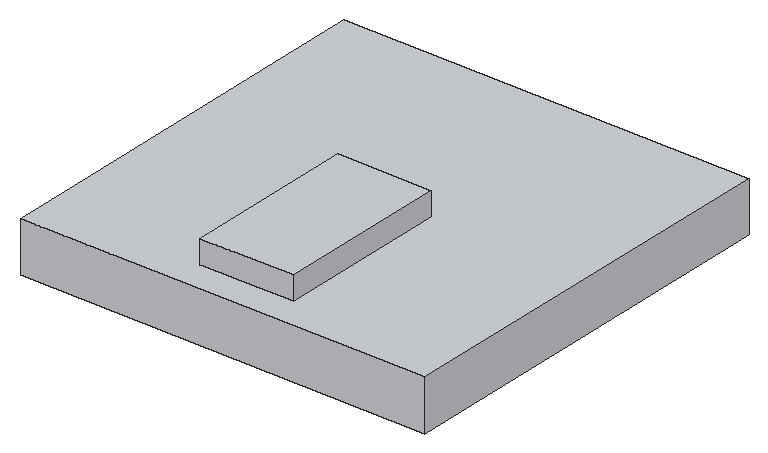
Revit family "M_Sistema de telefone dos bombeiros", category Equipamento elétrico, Revit 2019
Family settings
  Hospedeiro = Face
  Cota do conector redondo = Utilizar diâmetro
  Tipo de parte = Outros painéis
  Número OmniClass = 23.85.30.21.11.14
  Título OmniClass = Alarm Panels
  ID de item do Seek = Firefighter's Telephone System-0000-CAN-ENU
  Corte com vazios quando carregada = Não
  Compartilhado = Não
  Ponto de cálculo do ambiente = Não
Parameters (values of type "Padrão")
  Largura = 1035 mm
  Material do painel = none
  Comprimento = 565 mm
  Altura = 140 mm
  Elevação-padrão = 1200 mm
Reference planes
  plane 1 "Centro (Frente/Trás)": y = 0
  plane 2: z = 0
  plane 3 "Centro (Esquerda/Direita)": x = 0
  plane 4: x = -282.5
  plane 5: x = 282.5
  plane 6: y = -1035
  plane 7: z = 140
Forms (mm)
  Extrusion 1, solid
    sketch origin (0, 0, 0) x (1, 0, 0) y (0, 1, 0)
      loop
        line (-1219.2, 1219.2) -> (-1219.2, -1219.2) -> (1219.2, -1219.2) -> (1219.2, 1219.2) -> (-1219.2, 1219.2)
    from 0 to -304.8
  Extrusion 2, solid, material <- "Material do painel"
    sketch origin (0, 0, 0) x (1, 0, 0) y (0, 1, 0)
      loop
        line (-282.5, 0) -> (-282.5, -1035) -> (282.5, -1035) -> (282.5, 0) -> (-282.5, 0)
    from 0 to 140
Dimensions and locks
  "Largura": plane 1 "Centro (Frente/Trás)" to plane 6
  equal spacing: plane 4, plane 3 "Centro (Esquerda/Direita)", plane 5
  "Comprimento": plane 4 to plane 5
  "Altura": plane 7 to plane 2
  aligned and locked: plane 2 to Extrusion 1
  aligned and locked: level to Extrusion 1
  aligned and locked: plane 4 to Extrusion 2 sketch curve
  aligned and locked: plane 1 "Centro (Frente/Trás)" to Extrusion 2 sketch curve
  aligned and locked: plane 6 to Extrusion 2 sketch curve
  aligned and locked: Extrusion 2 sketch curve to plane 5
  aligned and locked: Extrusion 2 to plane 2
  aligned and locked: plane 7 to Extrusion 2
  aligned and locked: plane 5 to Extrusion 2
  aligned and locked: plane 2 to nested 1
  aligned and locked: plane 7 to nested 1
  aligned and locked: plane 4 to nested 1
  aligned and locked: plane 5 to nested 1
Automatic sketch dimensions
  Extrusion 1 sketch curve to Extrusion 1 sketch curve = 2438.4 mm  (x2)
Nested families
  nested 1: "M_Anotação do sistema de telefone dos bombeiros" at (546.1, 0, -120.5) x (1, 0, 0) z (0, -1, 0), type "Anotação do sistema de telefone dos bombeiros", detail levels coarse+medium
    with Largura 140 mm, Comprimento 565 mm
Connectors
  electrical at (0, 0, 70)
    settings: on Extrusion 2, index 1, voltage 0 V, apparent load 0 VA, apparent load phase1 0 VA, apparent load phase2 0 VA, apparent load phase3 0 VA, power factor 1, load classification "Outros", number of poles 1, system type 11, power factor state 1, is connector primary yes, connector utility no, sub classification motor no, connector description ""
  cabletrayconduit at (0, 0, 70), diameter 600
    settings: on Extrusion 2, index 2, connector width 300 mm, connector height 300 mm, connector angle 0.00°, system type 32, placement type 1, profile type 0, connector reference index -1, is primary connector yes, connector utility param no, connector description ""
  cabletrayconduit at (-282.5, -517.5, 70), diameter 600
    settings: on Extrusion 2, index 3, connector width 300 mm, connector height 300 mm, connector angle 0.00°, system type 32, placement type 1, profile type 0, connector reference index -1, is primary connector no, connector utility param no, connector description ""
  cabletrayconduit at (282.5, -517.5, 70), diameter 600
    settings: on Extrusion 2, index 4, connector width 300 mm, connector height 300 mm, connector angle 0.00°, system type 32, placement type 1, profile type 0, connector reference index -1, is primary connector no, connector utility param no, connector description ""
  cabletrayconduit at (0, -517.5, 0), diameter 600
    settings: on Extrusion 2, index 5, connector width 300 mm, connector height 300 mm, connector angle 0.00°, system type 32, placement type 1, profile type 0, connector reference index -1, is primary connector no, connector utility param no, connector description ""
  cabletrayconduit at (0, -1035, 70), diameter 600
    settings: on Extrusion 2, index 6, connector width 300 mm, connector height 300 mm, connector angle 0.00°, system type 32, placement type 1, profile type 0, connector reference index -1, is primary connector no, connector utility param no, connector description ""
Definition of nested family "M_Anotação do sistema de telefone dos bombeiros"
  Parameters
    Largura [instance] = 127 mm
    Comprimento [instance] = 127 mm
    Assembly Code = ""
  Reference planes
    plane 1 "Centro (Frente/Trás)": y = 190.5
    plane 2: z = 0
    plane 3 "Centro (Esquerda/Direita)": x = -546.1
    plane 4: x = -609.6
    plane 5: x = -482.6
    plane 6: y = 254
    plane 7: y = 127
  Lines and regions (mm)
    Filled region 1, type "Preenchimento sólido - Preto", in view "Nível de referência"
      outline origin (-228.507, 207.564, 0) x (1, 0, 0) y (0, 1, 0)
        loop
          line (-313.671, -11.99) -> (-313.671, -13.119) -> (-308.49, -13.119) -> (-308.49, -16.044) -> (-312.987, -16.044) -> (-312.987, -17.064) -> (-308.49, -17.064) -> (-308.49, -21.392) -> (-307.301, -21.392) -> (-307.301, -11.99) -> (-313.671, -11.99)
        loop
          line (-314.463, -11.996) -> (-321.93, -11.996) -> (-321.93, -13.075) -> (-318.883, -13.075) -> (-318.883, -21.391) -> (-317.593, -21.391) -> (-317.593, -13.075) -> (-314.463, -13.075) -> (-314.463, -11.996)
        loop
          line (-330.329, -15.017) -> (-329.155, -15.017)
          spline (-329.155, -15.017) -> (-329.125, -14.506) -> (-328.918, -14.019) -> (-328.549, -13.591) -> (-328.044, -13.254) -> (-327.439, -13.031) -> (-326.779, -12.94) -> (-326.11, -12.985) -> (-325.482, -13.165) -> (-324.939, -13.466) -> (-324.52, -13.866) -> (-324.256, -14.337) -> (-324.166, -14.845)
          arc (-324.166, -14.845) -> (-324.414, -15.354) -> (-324.856, -15.707) r 1.284
          arc (-324.856, -15.707) -> (-326.49, -16.389) -> (-328.191, -16.881) r 15.64
          arc (-328.191, -16.881) -> (-328.789, -17.106) -> (-329.392, -17.317) r 27.72
          arc (-329.392, -17.317) -> (-329.941, -18.373) -> (-329.715, -19.541) r 1.808
          spline (-329.715, -19.541) -> (-329.28, -20.117) -> (-328.704, -20.597) -> (-328.016, -20.958) -> (-327.25, -21.18) -> (-326.445, -21.253) -> (-325.641, -21.174) -> (-324.878, -20.946) -> (-324.193, -20.581) -> (-323.622, -20.097) -> (-323.192, -19.518) -> (-322.925, -18.873) -> (-322.835, -18.194)
          line (-322.835, -18.194) -> (-324.019, -18.194)
          spline (-324.019, -18.194) -> (-324.012, -18.719) -> (-324.191, -19.226) -> (-324.541, -19.676) -> (-325.037, -20.037) -> (-325.641, -20.282) -> (-326.309, -20.391) -> (-326.991, -20.358) -> (-327.635, -20.184) -> (-328.194, -19.882) -> (-328.626, -19.476) -> (-328.899, -18.994) -> (-328.992, -18.474)
          arc (-328.992, -18.474) -> (-328.751, -18.01) -> (-328.354, -17.67) r 1.37
          line (-328.354, -17.67) -> (-327.469, -17.349)
          arc (-327.469, -17.349) -> (-326.303, -17.099) -> (-325.16, -16.762) r 15.949
          arc (-325.16, -16.762) -> (-324.384, -16.362) -> (-323.692, -15.832) r 4.903
          arc (-323.692, -15.832) -> (-323.084, -14.947) -> (-323.168, -13.877) r 1.608
          spline (-323.168, -13.877) -> (-323.564, -13.225) -> (-324.123, -12.668) -> (-324.815, -12.237) -> (-325.604, -11.953) -> (-326.447, -11.833) -> (-327.3, -11.882) -> (-328.116, -12.099) -> (-328.854, -12.471) -> (-329.473, -12.978) -> (-329.94, -13.595) -> (-330.231, -14.287) -> (-330.329, -15.017)
    detail lines, in view "Nível de referência"
      curve 1: line (-609.6, 254, 0) -> (-482.6, 254, 0)
      curve 2: line (-609.6, 127, 0) -> (-609.6, 254, 0)
      curve 3: line (-482.6, 127, 0) -> (-609.6, 127, 0)
      curve 4: line (-482.6, 254, 0) -> (-482.6, 127, 0)
      curve 5: spline (-551.342, 189.369, 0) -> (-551.432, 188.69, 0) -> (-551.699, 188.045, 0) -> (-552.129, 187.466, 0) -> (-552.7, 186.982, 0) -> (-553.384, 186.617, 0) -> (-554.148, 186.389, 0) -> (-554.952, 186.31, 0) -> (-555.757, 186.384, 0) -> (-556.522, 186.606, 0) -> (-557.21, 186.966, 0) -> (-557.786, 187.446, 0) -> (-558.222, 188.022, 0)
      curve 6: arc (-553.667, 190.801, 0) -> (-552.891, 191.201, 0) -> (-552.199, 191.732, 0) r 4.903
      curve 7: arc (-555.975, 190.215, 0) -> (-554.81, 190.465, 0) -> (-553.667, 190.801, 0) r 15.949
      curve 8: line (-556.86, 189.893, 0) -> (-555.975, 190.215, 0)
      curve 9: arc (-557.499, 189.089, 0) -> (-557.258, 189.553, 0) -> (-556.86, 189.893, 0) r 1.37
      curve 10: spline (-557.499, 189.089, 0) -> (-557.406, 188.569, 0) -> (-557.133, 188.088, 0) -> (-556.701, 187.681, 0) -> (-556.142, 187.38, 0) -> (-555.497, 187.206, 0) -> (-554.816, 187.172, 0) -> (-554.148, 187.282, 0) -> (-553.544, 187.526, 0) -> (-553.048, 187.887, 0) -> (-552.698, 188.338, 0) -> (-552.519, 188.844, 0) -> (-552.525, 189.369, 0)
      curve 11: line (-551.342, 189.369, 0) -> (-552.525, 189.369, 0)
      curve 12: arc (-557.499, 189.089, 0) -> (-557.258, 189.553, 0) -> (-556.86, 189.893, 0) r 1.37
      curve 13: arc (-552.673, 192.719, 0) -> (-552.817, 192.375, 0) -> (-553.048, 192.082, 0) r 1.369
      curve 14: spline (-552.673, 192.719, 0) -> (-552.763, 193.226, 0) -> (-553.027, 193.697, 0) -> (-553.445, 194.098, 0) -> (-553.989, 194.398, 0) -> (-554.617, 194.578, 0) -> (-555.286, 194.624, 0) -> (-555.946, 194.532, 0) -> (-556.55, 194.31, 0) -> (-557.056, 193.973, 0) -> (-557.425, 193.545, 0) -> (-557.632, 193.058, 0) -> (-557.661, 192.546, 0)
      curve 15: line (-558.836, 192.546, 0) -> (-557.661, 192.546, 0)
      curve 16: spline (-558.836, 192.546, 0) -> (-558.737, 193.277, 0) -> (-558.447, 193.969, 0) -> (-557.979, 194.585, 0) -> (-557.361, 195.093, 0) -> (-556.623, 195.465, 0) -> (-555.806, 195.681, 0) -> (-554.954, 195.731, 0) -> (-554.11, 195.61, 0) -> (-553.322, 195.327, 0) -> (-552.63, 194.895, 0) -> (-552.071, 194.338, 0) -> (-551.675, 193.686, 0)
      curve 17: arc (-552.199, 191.732, 0) -> (-551.591, 192.616, 0) -> (-551.675, 193.686, 0) r 1.608
      curve 18: arc (-557.899, 190.247, 0) -> (-558.448, 189.191, 0) -> (-558.222, 188.022, 0) r 1.808
      curve 19: line (-553.048, 192.082, 0) -> (-556.698, 190.683, 0)
      curve 20: arc (-557.899, 190.247, 0) -> (-557.296, 190.458, 0) -> (-556.698, 190.683, 0) r 27.72
      curve 21: line (-542.177, 195.573, 0) -> (-535.808, 195.573, 0)
      curve 22: line (-535.808, 195.573, 0) -> (-535.808, 186.171, 0)
      curve 23: line (-535.808, 186.171, 0) -> (-536.996, 186.171, 0)
      curve 24: line (-536.996, 186.171, 0) -> (-536.996, 190.5, 0)
      curve 25: line (-536.996, 190.5, 0) -> (-541.494, 190.5, 0)
      curve 26: line (-541.494, 190.5, 0) -> (-541.494, 191.519, 0)
      curve 27: line (-541.494, 191.519, 0) -> (-536.996, 191.519, 0)
      curve 28: line (-536.996, 191.519, 0) -> (-536.996, 194.445, 0)
      curve 29: line (-536.996, 194.445, 0) -> (-542.177, 194.445, 0)
      curve 30: line (-542.177, 194.445, 0) -> (-542.177, 195.573, 0)
      curve 31: line (-542.97, 195.568, 0) -> (-542.97, 194.489, 0)
      curve 32: line (-542.97, 194.489, 0) -> (-546.1, 194.489, 0)
      curve 33: line (-546.1, 194.489, 0) -> (-546.1, 186.172, 0)
      curve 34: line (-546.1, 186.172, 0) -> (-547.39, 186.172, 0)
      curve 35: line (-547.39, 186.172, 0) -> (-547.39, 194.489, 0)
      curve 36: line (-547.39, 194.489, 0) -> (-550.437, 194.489, 0)
      curve 37: line (-550.437, 194.489, 0) -> (-550.437, 195.568, 0)
      curve 38: line (-550.437, 195.568, 0) -> (-542.97, 195.568, 0)
  Dimensions and locks
    equal spacing: plane 4, plane 3 "Centro (Esquerda/Direita)", plane 5
    "Comprimento": plane 4 to plane 5
    equal spacing: plane 6, plane 1 "Centro (Frente/Trás)", plane 7
    "Largura": plane 6 to plane 7
    aligned and locked: plane 4 to curve 1
    aligned and locked: curve 1 to plane 6
    aligned and locked: plane 7 to curve 4
    aligned and locked: curve 4 to plane 5
    aligned and locked: Filled region 1 sketch curve to curve 21
    aligned and locked: Filled region 1 sketch curve to curve 22
    aligned and locked: Filled region 1 sketch curve to curve 23
    aligned and locked: Filled region 1 sketch curve to curve 24
    aligned and locked: Filled region 1 sketch curve to curve 25
    aligned and locked: Filled region 1 sketch curve to curve 26
    aligned and locked: Filled region 1 sketch curve to curve 27
    aligned and locked: Filled region 1 sketch curve to curve 28
    aligned and locked: Filled region 1 sketch curve to curve 29
    aligned and locked: Filled region 1 sketch curve to curve 30
    aligned and locked: Filled region 1 sketch curve to curve 31
    aligned and locked: Filled region 1 sketch curve to curve 38
    aligned and locked: Filled region 1 sketch curve to curve 32
    aligned and locked: Filled region 1 sketch curve to curve 37
    aligned and locked: Filled region 1 sketch curve to curve 36
    aligned and locked: Filled region 1 sketch curve to curve 35
    aligned and locked: Filled region 1 sketch curve to curve 33
    aligned and locked: Filled region 1 sketch curve to curve 34
    aligned and locked: Filled region 1 sketch curve to curve 11
    aligned and locked: Filled region 1 sketch curve to curve 15
    aligned and locked: Filled region 1 sketch curve to curve 18
    aligned and locked: Filled region 1 sketch curve to curve 12
    aligned and locked: Filled region 1 sketch curve to curve 8
    aligned and locked: Filled region 1 sketch curve to curve 7
    aligned and locked: Filled region 1 sketch curve to curve 6
    aligned and locked: Filled region 1 sketch curve to curve 17
    aligned and locked: Filled region 1 sketch curve to curve 20
    aligned and locked: curve 25 to plane 1 "Centro (Frente/Trás)"
    aligned and locked: curve 33 to plane 3 "Centro (Esquerda/Direita)"
  Automatic sketch dimensions
    curve 15 to curve 5 = 0.614 mm
    curve 5 to curve 18 = 0.323 mm
    curve 16 to curve 15 = 1.175 mm
    curve 18 to curve 10 = 0.4 mm
    curve 10 to curve 9 = 0.638 mm
    curve 12 to curve 19 = 0.162 mm
    curve 10 to curve 18 = 0.84 mm
    curve 18 to curve 9 = 0.473 mm
    curve 20 to curve 8 = 0.723 mm
    curve 14 to curve 6 = 2.145 mm
    curve 14 to curve 14 = 2.489 mm
    curve 14 to curve 16 = 0.039 mm
    curve 9 to curve 10 = 1.186 mm
    curve 10 to curve 5 = 0.032 mm
    curve 14 to curve 13 = 1.176 mm
    curve 5 to curve 6 = 1.3 mm
    curve 13 to curve 17 = 0.852 mm
    curve 17 to curve 19 = 0.096 mm
    curve 17 to curve 13 = 0.472 mm
    curve 7 to curve 10 = 1.141 mm
    curve 19 to curve 17 = 0.85 mm
    curve 13 to curve 16 = 0.998 mm
    curve 10 to curve 5 = 1.184 mm
    curve 17 to curve 38 = 1.238 mm
    curve 36 to curve 35 = 3.047 mm
    curve 34 to curve 33 = 1.29 mm
    curve 32 to curve 32 = 3.13 mm
    curve 31 to curve 29 = 0.793 mm
    curve 29 to curve 25 = 0.683 mm
    curve 29 to curve 28 = 5.181 mm
    curve 25 to curve 27 = 0 mm
    curve 28 to curve 21 = 1.188 mm
    curve 30 to curve 7 = 10.35 mm
    curve 31 to curve 21 = 0.005 mm
    curve 6 to curve 37 = 0.225 mm
    curve 31 to curve 31 = 1.079 mm
    curve 37 to curve 37 = 1.079 mm
    curve 28 to curve 21 = 1.129 mm
    curve 16 to curve 36 = 0.803 mm
    curve 13 to curve 16 = 0.616 mm
    curve 17 to curve 13 = 0.037 mm
    curve 13 to curve 17 = 0.314 mm
    curve 15 to curve 14 = 0.173 mm
    curve 28 to curve 28 = 2.925 mm
    curve 8 to curve 19 = 0.468 mm
    curve 26 to curve 26 = 1.019 mm
    curve 8 to curve 19 = 0.79 mm
    curve 10 to curve 7 = 1.432 mm
    curve 10 to curve 12 = 0.804 mm
    curve 12 to curve 18 = 0.229 mm
    curve 34 to curve 5 = 3.197 mm
    curve 23 to curve 24 = 4.329 mm
    Filled region 1 sketch curve to Filled region 1 sketch curve = 1.448 mm
    Filled region 1 sketch curve to Filled region 1 sketch curve = 0.937 mm
    Filled region 1 sketch curve to Filled region 1 sketch curve = 1.564 mm
    Filled region 1 sketch curve to Filled region 1 sketch curve = 1.175 mm
    Filled region 1 sketch curve to Filled region 1 sketch curve = 0.84 mm
    Filled region 1 sketch curve to Filled region 1 sketch curve = 0.162 mm
    Filled region 1 sketch curve to Filled region 1 sketch curve = 2.028 mm
    Filled region 1 sketch curve to Filled region 1 sketch curve = 0.039 mm
    Filled region 1 sketch curve to Filled region 1 sketch curve = 1.186 mm
    Filled region 1 sketch curve to Filled region 1 sketch curve = 0.032 mm
    Filled region 1 sketch curve to Filled region 1 sketch curve = 0.779 mm
    Filled region 1 sketch curve to Filled region 1 sketch curve = 0.304 mm
    Filled region 1 sketch curve to Filled region 1 sketch curve = 0 mm
    Filled region 1 sketch curve to Filled region 1 sketch curve = 0.472 mm
    Filled region 1 sketch curve to Filled region 1 sketch curve = 1.141 mm
    Filled region 1 sketch curve to Filled region 1 sketch curve = 0.998 mm
    Filled region 1 sketch curve to Filled region 1 sketch curve = 1.184 mm
    Filled region 1 sketch curve to Filled region 1 sketch curve = 1.055 mm
    curve 9 to curve 12 = 0 mm
    curve 20 to curve 15 = 7.924 mm
    curve 7 to curve 6 = 3.223 mm
    curve 7 to curve 20 = 10.59 mm
